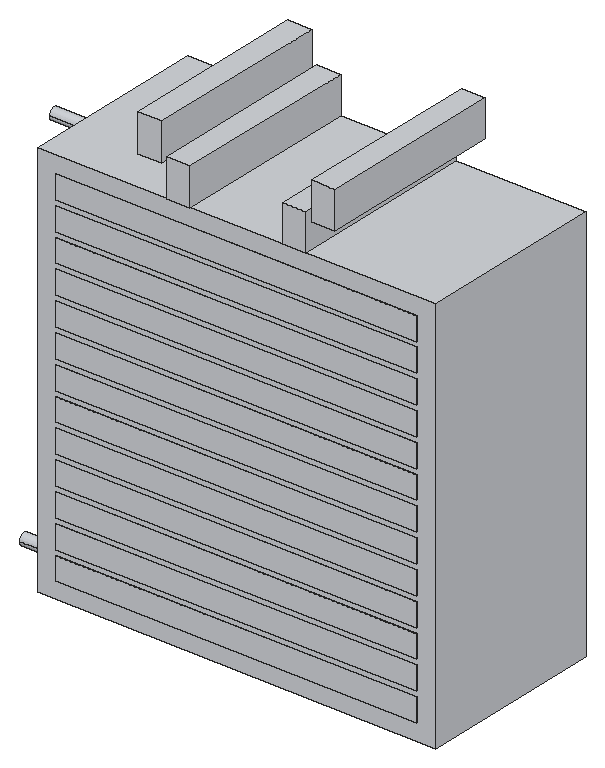
Revit family "Mark Tanner MDA verwarmer plafondmontage", category Mechanical Equipment, Revit 2017
Family settings
  Round Connector Dimension = Use Diameter
  Part Type = Normal
  OmniClass Number = 23.75.00.00
  OmniClass Title = Climate Control (HVAC)
  Work Plane-Based = No
  Always vertical = Yes
  Cut with Voids When Loaded = No
  Shared = No
  Room Calculation Point = No
Parameters
  zichtbaar_02 [instance] = horizontaal uitblazen  # yes
  zichtbaar_01 [instance] = not(horizontaal uitblazen)  # no
  voltage = 0 V
  vermogen = 0 W
  schijnbaar_vermogen = voltage * nominale stroom  # 0 VA
  o2 [instance] = if(hoek = 90.00°, 813 mm, 145 mm + h1 / 2)  # 575 mm
  o1 = 660 mm
  nominale stroom = 0 A
  lengte = l1  # 860 mm
  l3 = l1 + 100 mm  # 960 mm
  l2 = 450 mm
  l1 = h1  # 860 mm
  horizontaal uitblazen [instance] = yes
  hoogte = h1  # 860 mm
  hoek [instance] = if(horizontaal uitblazen, 0.00°, 90.00°)  # 0.00°
  h1 = 860 mm
  gewicht = ""
  elektrisch_vermogen = 0 W
  debiet = 0.0 L/s
  con 1_RN = con 1_DN / 2  # 12.5 mm
  con 1_DN = 25 mm
  breedte = b1  # 405 mm
  b2 = b1 - 80 mm  # 325 mm
  b1 = 405 mm
  artikelnummer = ""
  aantal_polen = 1
  URL = "http://www.mark.nl/producten/"
  Type Comments = "MDA 121, 2 rijige wisselaar, 1 fase 230V fan, ,waterzijdige aansluiting 1"
  Model = "MDA 100"
  Manufacturer = "Mark"  # constant formula
Reference planes
  plane 1 "Center (Front/Back)": y = 0
  plane 2: z = 0
  plane 3 "Center (Left/Right)": x = 0
  plane 4: x = -430
  plane 5: x = 430
  plane 6: z = -575
Lines and regions (mm)
  reference lines
    curve 1: line (0, 0, -575) -> (0, 660, -575)
Dimensions and locks
  "l1": plane 4 to plane 5
  equal spacing: plane 4, plane 3 "Center (Left/Right)", plane 5
  "o2": plane 2 to plane 6
  "o1": curve 1 to curve 1
  "hoek": angle curve 1 to plane 6
  aligned and locked: level to plane 2
  aligned and locked: plane 6 to curve 1
  aligned and locked: plane 1 "Center (Front/Back)" to curve 1
  aligned and locked: plane 1 "Center (Front/Back)" to nested 2
  aligned and locked: nested 1 to plane 1 "Center (Front/Back)"
  aligned and locked: nested 3 to curve 1
Nested families
  nested 1: "Plafond console met trillingsreduceerset" at (0, 0, 0) x (0, 1, 0) z (0, 0, 1), b1 <- "b2", l1 <- "l3", visible <- "zichtbaar_01", type "trillingsreduceerset"
    with l1 960 mm, b1 325 mm
  nested 2: "Plafond console" at (0, 202.5, 0) x (0, 1, 0) z (0, 0, 1), b1 <- "b2", l1 <- "b1", visible <- "zichtbaar_02", type "plafond console"
    with l1 405 mm, b1 325 mm
  nested 3: "Verwarmer" at (0, 202.5, -145), b1 <- "b1", h1 <- "h1", l1 <- "l1", r1 <- "con 1_RN", type "MDA 100"
    with r1 12.5 mm, l1 860 mm, h1 860 mm, b1 405 mm, b 780 mm, aantal 13, a 790 mm
Connectors
  electrical at (0, 202.5, -145), driven by "aantal_polen", driven by "voltage", driven by "schijnbaar_vermogen"
    settings: on nested 3, index 1, voltage 0 V, apparent load 0 VA, apparent load phase1 0 VA, apparent load phase2 0 VA, apparent load phase3 0 VA, power factor 1, load classification "Other", number of poles 1, system type 31, power factor state 1, is connector primary yes, connector utility no, sub classification motor no, connector description ""
  piping at (-522, 160, -181), diameter 25, driven by "con 1_DN"
    settings: on nested 3, index 2, connector inside diameter 609.6 mm, connector length 0 mm, flow factor 0, pipe flow 0.0 L/s, pressure drop 0.0 Pa, fitting loss kfactor 0, connector angle 0.00°, fixture units 0, engagement length 0 mm, angle of deflection 0.00°, flow configuration 0, flow direction 2, fitting loss method 0, system type 8, joint type 0, gender type 0, connector reference index -1, connector utility 0, adjustable connector no, is connector primary yes, connector description "retour"
  piping at (-522, 80, -969), diameter 25, driven by "con 1_DN"
    settings: on nested 3, index 3, connector inside diameter 609.6 mm, connector length 0 mm, flow factor 0, pipe flow 0.0 L/s, pressure drop 0.0 Pa, fitting loss kfactor 0, connector angle 0.00°, fixture units 0, engagement length 0 mm, angle of deflection 0.00°, flow configuration 0, flow direction 1, fitting loss method 0, system type 7, joint type 0, gender type 0, connector reference index -1, connector utility 0, adjustable connector no, is connector primary no, connector description ""
Definition of nested family "Plafond console met trillingsreduceerset"
  Parameters (values of type "trillingsreduceerset")
    l1 [instance] = 450 mm
    b1 [instance] = 300 mm
    artikelnummer = "5064051"  # constant formula
    URL = "http://www.mark.nl/producten/"
    Manufacturer = "Mark"  # constant formula
    Description = "plafond console"  # constant formula
  Reference planes
    plane 1 "Center (Front/Back)": y = 0
    plane 2: z = 0
    plane 3 "Center (Left/Right)": x = 0
    plane 4: x = -225
    plane 5: x = 225
    plane 6: y = 150
    plane 7: y = -150
    plane 8: z = -813
    plane 9: z = -813
  Forms (mm)
    Sweep 1, solid
      path origin (0, 0, 0) x (1, 0, 0) y (0, 0, 1)
        loop
          line (-225, -813) -> (-225, 0) -> (225, 0) -> (225, -813)
      profile origin (-225, 0, -406.5) x (-1, 0, 0) y (0, -1, 0)
        loop
          line (0, 150) -> (0, 200) -> (-50, 200) -> (-50, 150) -> (0, 150)
    Sweep 2, solid
      path origin (0, 0, 0) x (1, 0, 0) y (0, 0, 1)
        loop
          line (225, -813) -> (225, 0) -> (-225, 0) -> (-225, -813)
      profile origin (225, 0, -406.5) x (-1, 0, 0) y (0, -1, 0)
        loop
          line (0, -150) -> (0, -200) -> (50, -200) -> (50, -150) -> (0, -150)
  Dimensions and locks
    equal spacing: plane 4, plane 3 "Center (Left/Right)", plane 5
    "l1": plane 4 to plane 5
    equal spacing: plane 7, plane 1 "Center (Front/Back)", plane 6
    "b1": plane 6 to plane 7
    plane 2 to plane 8 = 813 mm
    plane 9 to plane 2 = 813 mm
    aligned and locked: level to plane 2
    aligned and locked: Sweep 1 sketch curve to plane 4
    aligned and locked: Sweep 1 sketch curve to plane 2
    aligned and locked: plane 5 to Sweep 1 sketch curve
    aligned and locked: plane 8 to Sweep 1 sketch curve  (x2)
    aligned and locked: Sweep 2 sketch curve to plane 5
    aligned and locked: plane 4 to Sweep 2 sketch curve
    aligned and locked: Sweep 2 sketch curve to plane 2
    aligned and locked: plane 9 to Sweep 2 sketch curve  (x2)
    aligned and locked: plane 6 to Sweep 2
    aligned and locked: plane 7 to Sweep 1
  Automatic sketch dimensions
    Sweep 1 sketch curve to profile plane = 0 mm
    profile plane to Sweep 1 sketch curve = 50 mm
    plane 1 "Center (Front/Back)" to Sweep 1 sketch curve = 150 mm
    Sweep 1 sketch curve to Sweep 1 sketch curve = 50 mm
    Sweep 2 sketch curve to profile plane = 0 mm
    Sweep 2 sketch curve to profile plane = 50 mm
    Sweep 2 sketch curve to plane 1 "Center (Front/Back)" = 200 mm
    Sweep 2 sketch curve to Sweep 2 sketch curve = 50 mm
Definition of nested family "Plafond console"
  Parameters (values of type "trillingsreduceerset")
    l1 [instance] = 450 mm
    b1 [instance] = 300 mm
    artikelnummer = "5064051"  # constant formula
    URL = "http://www.mark.nl/producten/"
    Manufacturer = "Mark"  # constant formula
    Description = "plafond console"  # constant formula
  Reference planes
    plane 1 "Center (Front/Back)": y = 0
    plane 2: z = 0
    plane 3 "Center (Left/Right)": x = 0
    plane 4: x = -225
    plane 5: x = 225
    plane 6: y = 150
    plane 7: y = -150
    plane 8: z = -813
    plane 9: z = -813
    plane 10: z = -878
    plane 11: z = -878
  Forms (mm)
    Sweep 1, solid
      path origin (0, 0, 0) x (1, 0, 0) y (0, 0, 1)
        loop
          line (-225, 0) -> (225, 0)
      profile origin (0, 0, 0) x (0, 0, 1) y (0, -1, 0)
        loop
          line (0, 150) -> (0, 200) -> (-80, 200) -> (-80, 150) -> (0, 150)
    Sweep 2, solid
      path origin (0, 0, 0) x (1, 0, 0) y (0, 0, 1)
        loop
          line (225, 0) -> (-225, 0)
      profile origin (0, 0, 0) x (0, 0, -1) y (0, -1, 0)
        loop
          line (0, -150) -> (0, -200) -> (80, -200) -> (80, -150) -> (0, -150)
    Sweep 3, solid
      path origin (0, -125, -65) x (1, 0, 0) y (0, 0, 1)
        loop
          line (225, 0) -> (-225, 0)
      profile origin (0, -125, -65) x (0, 0, -1) y (0, -1, 0)
        loop
          line (0, -225) -> (0, -275) -> (80, -275) -> (80, -225) -> (0, -225)
    Sweep 4, solid
      path origin (0, 125, -65) x (1, 0, 0) y (0, 0, 1)
        loop
          line (-225, 0) -> (225, 0)
      profile origin (0, 125, -65) x (0, 0, 1) y (0, -1, 0)
        loop
          line (0, 225) -> (0, 275) -> (-80, 275) -> (-80, 225) -> (0, 225)
  Dimensions and locks
    equal spacing: plane 4, plane 3 "Center (Left/Right)", plane 5
    "l1": plane 4 to plane 5
    equal spacing: plane 7, plane 1 "Center (Front/Back)", plane 6
    "b1": plane 6 to plane 7
    plane 2 to plane 8 = 813 mm
    plane 9 to plane 2 = 813 mm
    aligned and locked: level to plane 2
    aligned and locked: Sweep 1 sketch curve to plane 2
    aligned and locked: Sweep 2 sketch curve to plane 2
    aligned and locked: plane 6 to Sweep 2
    aligned and locked: Sweep 3 to Sweep 2
    aligned and locked: plane 7 to Sweep 1
    aligned and locked: Sweep 4 to Sweep 1
  Automatic sketch dimensions
    Sweep 1 sketch curve to plane 4 = 0 mm
    plane 5 to Sweep 1 sketch curve = 0 mm
    profile plane to Sweep 1 sketch curve = 0 mm
    profile plane to Sweep 1 sketch curve = 80 mm
    plane 1 "Center (Front/Back)" to Sweep 1 sketch curve = 150 mm
    Sweep 1 sketch curve to Sweep 1 sketch curve = 50 mm
    Sweep 2 sketch curve to plane 4 = 0 mm
    plane 5 to Sweep 2 sketch curve = 0 mm
    Sweep 2 sketch curve to profile plane = 0 mm
    Sweep 2 sketch curve to profile plane = 80 mm
    Sweep 2 sketch curve to plane 1 "Center (Front/Back)" = 200 mm
    Sweep 2 sketch curve to Sweep 2 sketch curve = 50 mm
    Sweep 3 sketch curve to level = 65 mm
    Sweep 3 sketch curve to plane 4 = 0 mm
    plane 5 to Sweep 3 sketch curve = 0 mm
    Sweep 3 sketch curve to profile plane = 0 mm
    Sweep 3 sketch curve to profile plane = 80 mm
    Sweep 3 sketch curve to profile plane = 275 mm
    Sweep 3 sketch curve to Sweep 3 sketch curve = 50 mm
    Sweep 4 sketch curve to level = 65 mm
    Sweep 4 sketch curve to plane 4 = 0 mm
    plane 5 to Sweep 4 sketch curve = 0 mm
    profile plane to Sweep 4 sketch curve = 0 mm
    profile plane to Sweep 4 sketch curve = 80 mm
    profile plane to Sweep 4 sketch curve = 225 mm
    Sweep 4 sketch curve to Sweep 4 sketch curve = 50 mm
Definition of nested family "Verwarmer"
  Parameters (values of type "MDA 100")
    r1 [instance] = 12.5 mm
    l1 [instance] = 860 mm
    h1 [instance] = 860 mm
    b1 [instance] = 405 mm
    b [instance] = l1 - 80 mm  # 780 mm
    aantal [instance] = a / 60 mm  # 13
    a [instance] = h1 - 70 mm  # 790 mm
    Default Elevation = 1219.2 mm
  Reference planes
    plane 1 "Center (Front/Back)": y = 0
    plane 2: z = 0
    plane 3 "Center (Left/Right)": x = 0
    plane 4: x = -430
    plane 5: x = 430
    plane 6: x = -390
    plane 7: x = 390
    plane 8: y = 202.5
    plane 9: y = -202.5
    plane 10: y = -42.5
    plane 11: y = -122.5
    plane 12: z = -860
    plane 13: z = -36
    plane 14: z = -824
    plane 15: z = -430
  Forms (mm)
    Extrusion 1, solid
      sketch origin (0, 0, 0) x (1, 0, 0) y (0, 1, 0)
        loop
          line (-430, 202.5) -> (-430, -202.5) -> (430, -202.5) -> (430, 202.5) -> (-430, 202.5)
      from 0 to -860
    Sweep 2, solid
      path origin (1317.187, -1524, -36) x (0, -1, 0) y (1, 0, 0)
        loop
          line (-1401.5, -1747.187) -> (-1401.5, -1839.187)
      profile origin (-476, -122.5, -36) x (0, -1, 0) y (0, 0, 1)
        loop
          circle (0, -788) r 12.5
    Sweep 3, solid
      path origin (0, 0, 0) x (1, 0, 0) y (0, 1, 0)
        loop
          line (-522, -30) -> (-430, -30)
      profile origin (-476, -30, 0) x (0, 1, 0) y (0, 0, 1)
        loop
          circle (-12.5, -36) r 12.5
  Dimensions and locks
    equal spacing: plane 4, plane 3 "Center (Left/Right)", plane 5
    "l1": plane 4 to plane 5
    equal spacing: plane 6, plane 3 "Center (Left/Right)", plane 7
    "b1": plane 8 to plane 9
    equal spacing: plane 8, plane 1 "Center (Front/Back)", plane 9
    locked: plane 9 to plane 11 at 80
    locked: plane 10 to plane 9 at 160
    equal spacing: plane 2, plane 15, plane 12
    "h1": plane 2 to plane 12
    locked: plane 14 to plane 12 at 36
    locked: plane 2 to plane 13 at 36
    plane 13 to plane 14 = 788 mm
    equal spacing: plane 7, plane 3 "Center (Left/Right)", plane 6
    "b": plane 6 to plane 7
    equal spacing: group 1, group 3, group 4, group 5, group 6, group 7, group 8, group 9, group 10, group 11, group 12, group 13, group 2  (x2)
    equal spacing: group 2, group 13, group 12, group 11, group 10, group 9, group 8, group 7, group 6, group 5, group 4, group 3, group 1
    "r1": radius of Sweep 2 sketch curve
    "r1": radius of Sweep 3 sketch curve
    aligned and locked: level to plane 2
    aligned and locked: Extrusion 1 sketch curve to plane 8
    aligned and locked: plane 4 to Extrusion 1 sketch curve
    aligned and locked: plane 5 to Extrusion 1 sketch curve
    aligned and locked: plane 9 to Extrusion 1 sketch curve
    aligned and locked: Extrusion 1 to plane 12
    aligned and locked: plane 4 to Sweep 2 sketch curve
    aligned and locked: Sweep 2 sketch curve to plane 11  (x2)
    aligned and locked: plane 14 to Sweep 2 sketch curve
    aligned and locked: plane 4 to Sweep 3 sketch curve
    aligned and locked: plane 13 to Sweep 3 sketch curve
    aligned and locked: plane 10 to Sweep 3 sketch curve
    aligned and locked: plane 3 "Center (Left/Right)" to nested 1
    aligned and locked: nested 1 to plane 9
    aligned and locked: nested 2 to plane 14
    aligned and locked: nested 2 to plane 9
  Automatic sketch dimensions
    Sweep 2 sketch curve to Sweep 2 sketch curve = 92 mm
    Sweep 3 sketch curve to plane 4 = 92 mm
    plane 1 "Center (Front/Back)" to Sweep 3 sketch curve = 30 mm
  Nested families
    nested 1: "Family5" at (0, -202.5, -36), a <- "b", type "Family5"
      with a 780 mm
    nested 2: "Family5" at (0, -202.5, -774), a <- "b", type "Family5"
      with a 780 mm
    nested 3: "Family5" at (0, -202.5, -97.5), a <- "b", type "Family5"
      with a 780 mm
    nested 4: "Family5" at (0, -202.5, -159), a <- "b", type "Family5"
      with a 780 mm
    nested 5: "Family5" at (0, -202.5, -220.5), a <- "b", type "Family5"
      with a 780 mm
    nested 6: "Family5" at (0, -202.5, -282), a <- "b", type "Family5"
      with a 780 mm
    nested 7: "Family5" at (0, -202.5, -343.5), a <- "b", type "Family5"
      with a 780 mm
    nested 8: "Family5" at (0, -202.5, -405), a <- "b", type "Family5"
      with a 780 mm
    nested 9: "Family5" at (0, -202.5, -466.5), a <- "b", type "Family5"
      with a 780 mm
    nested 10: "Family5" at (0, -202.5, -528), a <- "b", type "Family5"
      with a 780 mm
    nested 11: "Family5" at (0, -202.5, -589.5), a <- "b", type "Family5"
      with a 780 mm
    nested 12: "Family5" at (0, -202.5, -651), a <- "b", type "Family5"
      with a 780 mm
    nested 13: "Family5" at (0, -202.5, -712.5), a <- "b", type "Family5"
      with a 780 mm
  Definition of nested family "Family5"
    Parameters (values of type "Family5")
      a [instance] = 752.12 mm
    Reference planes
      plane 1 "Center (Front/Back)": y = 0
      plane 2: z = 0
      plane 3 "Center (Left/Right)": x = 0
    Forms (mm)
      Extrusion 1, solid
        sketch origin (0, 0, 0) x (1, 0, 0) y (0, 1, 0)
          loop
            line (-376.06, 1.5) -> (-376.06, -1.5) -> (376.06, -1.5) -> (376.06, 1.5) -> (-376.06, 1.5)
        from -50 to 0
    Dimensions and locks
      equal spacing: Extrusion 1 sketch curve, plane 3 "Center (Left/Right)", Extrusion 1 sketch curve
      "a": Extrusion 1 sketch curve to Extrusion 1 sketch curve
      aligned and locked: level to plane 2
    Automatic sketch dimensions
      plane 1 "Center (Front/Back)" to Extrusion 1 sketch curve = 1.5 mm
      Extrusion 1 sketch curve to plane 1 "Center (Front/Back)" = 1.5 mm
Types in the file's own list only (42): name | voltage | vermogen | schijnbaar_vermogen | nominale stroom | lengte | l3 | l2 | l1 | hoogte | h1 | gewicht | elektrisch_vermogen | debiet | con 1_RN | con 1_DN | breedte | b2 | b1 | artikelnummer | aantal_polen | URL | Type Comments | Model
  Tanner MDA 121L | 230 V | 14500 W | 108 VA | 0 A | 450 mm | 550 mm | 387 mm | 450 mm | 450 mm | 450 mm | "22" | 90 W | 1595.0 L/s | 13 mm | 25 mm | 380 mm | 300 mm | 380 mm | "MDA 121L" | 1 | "http://www.mark.nl/luchtverwarming/watergevoed/tanner-mda/" | "MDA 121 ( 2 rijige wisselaar 1 fase 230 V fan waterzijdige aansluiting 1  laag toerental )" | "MDA 100"
  Tanner MDA 131L | 230 V | 17000 W | 108 VA | 0 A | 450 mm | 550 mm | 387 mm | 450 mm | 450 mm | 450 mm | "23" | 90 W | 1446.0 L/s | 13 mm | 25 mm | 380 mm | 300 mm | 380 mm | "MDA 131L" | 1 | "http://www.mark.nl/luchtverwarming/watergevoed/tanner-mda/" | "MDA 131 ( 3 rijige wisselaar  1 fase 230 V fan waterzijdige aansluiting 1 laag toerental)" | "MDA 100"
  Tanner MDA 141L | 230 V | 19000 W | 108 VA | 0 A | 450 mm | 550 mm | 387 mm | 450 mm | 450 mm | 450 mm | "24" | 90 W | 1265.0 L/s | 13 mm | 25 mm | 380 mm | 300 mm | 380 mm | "MDA 141L" | 1 | "http://www.mark.nl/luchtverwarming/watergevoed/tanner-mda/" | "MDA 131 ( 4 rijige wisselaar  1 fase 230 V fan waterzijdige aansluiting 1 laag toerental)" | "MDA 100"
  Tanner MDA 211L | 230 V | 14100 W | 117 VA | 1 A | 580 mm | 680 mm | 517 mm | 580 mm | 580 mm | 580 mm | "30" | 120 W | 2805.0 L/s | 13 mm | 25 mm | 385 mm | 305 mm | 385 mm | "MDA 211L" | 1 | "http://www.mark.nl/luchtverwarming/watergevoed/tanner-mda/" | "MDA 211 ( 1 rijige wisselaar  1 fase 230 V fanwaterzijdige aansluiting 1 laag toerental)" | "MDA 200"
  Tanner MDA 221L | 230 V | 25100 W | 117 VA | 1 A | 580 mm | 680 mm | 517 mm | 580 mm | 580 mm | 580 mm | "32" | 120 W | 2656.0 L/s | 13 mm | 25 mm | 385 mm | 305 mm | 385 mm | "MDA 221L" | 1 | "http://www.mark.nl/luchtverwarming/watergevoed/tanner-mda/" | "MDA 221 ( 2 rijige wisselaar  1 fase 230 V fan waterzijdige aansluiting 1 laag toerental)" | "MDA 200"
  Tanner MDA 231L | 230 V | 30800 W | 117 VA | 1 A | 580 mm | 680 mm | 517 mm | 580 mm | 580 mm | 580 mm | "34" | 120 W | 2381.0 L/s | 13 mm | 25 mm | 385 mm | 305 mm | 385 mm | "MDA 231L" | 1 | "http://www.mark.nl/luchtverwarming/watergevoed/tanner-mda/" | "MDA 231 ( 3 rijige wisselaar  1 fase 230 V fan waterzijdige aansluiting 1 laag toerental)" | "MDA 200"
  Tanner MDA 241L | 230 V | 33300 W | 117 VA | 1 A | 580 mm | 680 mm | 517 mm | 580 mm | 580 mm | 580 mm | "36" | 120 W | 2230.0 L/s | 13 mm | 25 mm | 385 mm | 305 mm | 385 mm | "MDA 241L" | 1 | "http://www.mark.nl/luchtverwarming/watergevoed/tanner-mda/" | "MDA 241 ( 4 rijige wisselaar  1 fase 230 V fan waterzijdige aansluiting 1 laag toerental)" | "MDA 200"
  Tanner MDA 321L | 230 V | 52700 W | 391 VA | 2 A | 730 mm | 830 mm | 667 mm | 730 mm | 730 mm | 730 mm | "43" | 330 W | 6495.0 L/s | 13 mm | 25 mm | 385 mm | 305 mm | 385 mm | "MDA 321L" | 1 | "http://www.mark.nl/luchtverwarming/watergevoed/tanner-mda/" | "MDA 321 ( 2 rijige wisselaar  1 fase 230 V fan waterzijdige aansluiting 1 laag toerental)" | "MDA 300"
  Tanner MDA 331L | 230 V | 65900 W | 391 VA | 2 A | 730 mm | 830 mm | 667 mm | 730 mm | 730 mm | 730 mm | "46" | 330 W | 5857.0 L/s | 16 mm | 32 mm | 385 mm | 305 mm | 385 mm | "MDA 331L" | 1 | "http://www.mark.nl/luchtverwarming/watergevoed/tanner-mda/" | "MDA 331 ( 3 rijige wisselaar  1 fase 230 V fan waterzijdige aansluiting 11/4 laag toerental)" | "MDA 300"
  Tanner MDA 341L | 230 V | 72100 W | 391 VA | 2 A | 730 mm | 830 mm | 667 mm | 730 mm | 730 mm | 730 mm | "49" | 330 W | 5423.0 L/s | 16 mm | 32 mm | 385 mm | 305 mm | 385 mm | "MDA 341L" | 1 | "http://www.mark.nl/luchtverwarming/watergevoed/tanner-mda/" | "MDA 341 ( 4 rijige wisselaar  1 fase 230 V fan waterzijdige aansluiting 11/4 laag toerental)" | "MDA 300"
  Tanner MDA 411L | 230 V | 42500 W | 598 VA | 3 A | 860 mm | 960 mm | 667 mm | 860 mm | 860 mm | 860 mm | "51" | 550 W | 10320.0 L/s | 16 mm | 32 mm | 405 mm | 325 mm | 405 mm | "MDA 411L" | 1 | "http://www.mark.nl/luchtverwarming/watergevoed/tanner-mda/" | "MDA 411 ( 1 rijige wisselaar  1 fase 230 V fanwaterzijdige aansluiting 11/4 laag toerental)" | "MDA 400"
  Tanner MDA 421L | 230 V | 80000 W | 598 VA | 3 A | 860 mm | 960 mm | 667 mm | 860 mm | 860 mm | 860 mm | "55" | 550 W | 9933.0 L/s | 16 mm | 32 mm | 405 mm | 325 mm | 405 mm | "MDA 421L" | 1 | "http://www.mark.nl/luchtverwarming/watergevoed/tanner-mda/" | "MDA 421 ( 2 rijige wisselaar  1 fase 230 V fanwaterzijdige aansluiting 11/4 laag toerental)" | "MDA 400"
  Tanner MDA 431L | 230 V | 101000 W | 598 VA | 3 A | 860 mm | 960 mm | 667 mm | 860 mm | 860 mm | 860 mm | "59" | 550 W | 8816.0 L/s | 20 mm | 40 mm | 405 mm | 325 mm | 405 mm | "MDA 431L" | 1 | "http://www.mark.nl/luchtverwarming/watergevoed/tanner-mda/" | "MDA 431 ( 3 rijige wisselaar  1 fase 230 V fanwaterzijdige aansluiting 11/2 laag toerental)" | "MDA 400"
  Tanner MDA 441L | 230 V | 110000 W | 598 VA | 3 A | 860 mm | 960 mm | 667 mm | 860 mm | 860 mm | 860 mm | "63" | 550 W | 8217.0 L/s | 20 mm | 40 mm | 405 mm | 325 mm | 405 mm | "MDA 441L" | 1 | "http://www.mark.nl/luchtverwarming/watergevoed/tanner-mda/" | "MDA 441 ( 4 rijige wisselaar  1 fase 230 V fanwaterzijdige aansluiting 11/2 laag toerental)" | "MDA 400"
  Tanner MDA 121H | 230 V | 18000 W | 154 VA | 1 A | 450 mm | 550 mm | 387 mm | 450 mm | 450 mm | 450 mm | "22" | 150 W | 2365.0 L/s | 13 mm | 25 mm | 380 mm | 300 mm | 380 mm | "MDA 121H" | 1 | "http://www.mark.nl/luchtverwarming/watergevoed/tanner-mda/" | "MDA 121 ( 2 rijige wisselaar  1 fase 230 V fan waterzijdige aansluiting 1 hoog toerental)" | "MDA 100"
  Tanner MDA 131H | 230 V | 22100 W | 154 VA | 1 A | 450 mm | 550 mm | 387 mm | 450 mm | 450 mm | 450 mm | "23" | 150 W | 2244.0 L/s | 13 mm | 25 mm | 380 mm | 300 mm | 380 mm | "MDA 131H" | 1 | "http://www.mark.nl/luchtverwarming/watergevoed/tanner-mda/" | "MDA 131 ( 3 rijige wisselaar  1 fase 230 V fan waterzijdige aansluiting 1 hoog toerental)" | "MDA 100"
  Tanner MDA 141H | 230 V | 25100 W | 154 VA | 1 A | 450 mm | 550 mm | 387 mm | 450 mm | 450 mm | 450 mm | "24" | 150 W | 1914.0 L/s | 13 mm | 25 mm | 380 mm | 300 mm | 380 mm | "MDA 141H" | 1 | "http://www.mark.nl/luchtverwarming/watergevoed/tanner-mda/" | "MDA 131 ( 4 rijige wisselaar  1 fase 230 V fan waterzijdige aansluiting 1 hoog toerental)" | "MDA 100"
  Tanner MDA 211H | 230 V | 17200 W | 311 VA | 1 A | 580 mm | 680 mm | 517 mm | 580 mm | 580 mm | 580 mm | "30" | 280 W | 4450.0 L/s | 13 mm | 25 mm | 385 mm | 305 mm | 385 mm | "MDA 211H" | 1 | "http://www.mark.nl/luchtverwarming/watergevoed/tanner-mda/" | "MDA 211 ( 1 rijige wisselaar  1 fase 230 V fan waterzijdige aansluiting 1 hoog toerental)" | "MDA 200"
  Tanner MDA 221H | 230 V | 32400 W | 311 VA | 1 A | 580 mm | 680 mm | 517 mm | 580 mm | 580 mm | 580 mm | "32" | 280 W | 4202.0 L/s | 13 mm | 25 mm | 385 mm | 305 mm | 385 mm | "MDA 221H" | 1 | "http://www.mark.nl/luchtverwarming/watergevoed/tanner-mda/" | "MDA 221 ( 2 rijige wisselaar  1 fase 230 V fan waterzijdige aansluiting 1 hoog toerental)" | "MDA 200"
  Tanner MDA 231H | 230 V | 42000 W | 311 VA | 1 A | 580 mm | 680 mm | 517 mm | 580 mm | 580 mm | 580 mm | "34" | 280 W | 3932.0 L/s | 13 mm | 25 mm | 385 mm | 305 mm | 385 mm | "MDA 231H" | 1 | "http://www.mark.nl/luchtverwarming/watergevoed/tanner-mda/" | "MDA 231 ( 3 rijige wisselaar  1 fase 230 V fan waterzijdige aansluiting 1 hoog toerental)" | "MDA 200"
  Tanner MDA 241H | 230 V | 46600 W | 311 VA | 1 A | 580 mm | 680 mm | 517 mm | 580 mm | 580 mm | 580 mm | "34" | 280 W | 3734.0 L/s | 13 mm | 25 mm | 385 mm | 305 mm | 385 mm | "MDA 241H" | 1 | "http://www.mark.nl/luchtverwarming/watergevoed/tanner-mda/" | "MDA 241 ( 4 rijige wisselaar  1 fase 230 V fan waterzijdige aansluiting 1 hoog toerental)" | "MDA 200"
  Tanner MDA 123L | 400 V | 14500 W | 40 VA | 0 A | 450 mm | 550 mm | 387 mm | 450 mm | 450 mm | 450 mm | "22" | 50 W | 1595.0 L/s | 13 mm | 25 mm | 380 mm | 300 mm | 380 mm | "MDA 123L" | 3 | "http://www.mark.nl/luchtverwarming/watergevoed/tanner-mda/" | "MDA 123 ( 2 rijige wisselaar  3 fase 400 V fan waterzijdige aansluiting 1 laag toerental)" | "MDA 100"
  Tanner MDA 133L | 400 V | 17000 W | 40 VA | 0 A | 450 mm | 550 mm | 387 mm | 450 mm | 450 mm | 450 mm | "23" | 50 W | 1446.0 L/s | 13 mm | 25 mm | 380 mm | 300 mm | 380 mm | "MDA 133L" | 3 | "http://www.mark.nl/luchtverwarming/watergevoed/tanner-mda/" | "MDA 133 ( 3 rijige wisselaar  3 fase 400 V fan waterzijdige aansluiting 1 laag toerental)" | "MDA 100"
  Tanner MDA 143L | 400 V | 19000 W | 40 VA | 0 A | 450 mm | 550 mm | 387 mm | 450 mm | 450 mm | 450 mm | "24" | 50 W | 1265.0 L/s | 13 mm | 25 mm | 380 mm | 300 mm | 380 mm | "MDA 143L" | 3 | "http://www.mark.nl/luchtverwarming/watergevoed/tanner-mda/" | "MDA 133 ( 4 rijige wisselaar  3 fase 400 V fan waterzijdige aansluiting 1 laag toerental)" | "MDA 100"
  Tanner MDA 213L | 400 V | 14800 W | 120 VA | 0 A | 580 mm | 680 mm | 517 mm | 580 mm | 580 mm | 580 mm | "30" | 120 W | 3050.0 L/s | 13 mm | 25 mm | 385 mm | 305 mm | 385 mm | "MDA 213L" | 3 | "http://www.mark.nl/luchtverwarming/watergevoed/tanner-mda/" | "MDA 213 ( 1 rijige wisselaar  3 fase 400 V fan waterzijdige aansluiting 1 laag toerental)" | "MDA 200"
  Tanner MDA 223L | 400 V | 26200 W | 120 VA | 0 A | 580 mm | 680 mm | 517 mm | 580 mm | 580 mm | 580 mm | "32" | 120 W | 2865.0 L/s | 13 mm | 25 mm | 385 mm | 305 mm | 385 mm | "MDA 223L" | 3 | "http://www.mark.nl/luchtverwarming/watergevoed/tanner-mda/" | "MDA 223 ( 2 rijige wisselaar  3 fase 400 V fan waterzijdige aansluiting 1 laag toerental)" | "MDA 200"
  Tanner MDA 233L | 400 V | 32400 W | 120 VA | 0 A | 580 mm | 680 mm | 517 mm | 580 mm | 580 mm | 580 mm | "34" | 120 W | 2574.0 L/s | 13 mm | 25 mm | 385 mm | 305 mm | 385 mm | "MDA 233L" | 3 | "http://www.mark.nl/luchtverwarming/watergevoed/tanner-mda/" | "MDA 233 ( 3 rijige wisselaar  3 fase 400 V fan waterzijdige aansluiting 1 laag toerental)" | "MDA 200"
  Tanner MDA 243L | 400 V | 35100 W | 120 VA | 0 A | 580 mm | 680 mm | 517 mm | 580 mm | 580 mm | 580 mm | "36" | 120 W | 2414.0 L/s | 13 mm | 25 mm | 385 mm | 305 mm | 385 mm | "MDA 243L" | 3 | "http://www.mark.nl/luchtverwarming/watergevoed/tanner-mda/" | "MDA 243 ( 4 rijige wisselaar  3 fase 400 V fan waterzijdige aansluiting 1 laag toerental)" | "MDA 200"
  Tanner MDA 323L | 400 V | 52700 W | 272 VA | 1 A | 730 mm | 830 mm | 667 mm | 730 mm | 730 mm | 730 mm | "43" | 280 W | 6495.0 L/s | 13 mm | 25 mm | 385 mm | 305 mm | 385 mm | "MDA 323L" | 3 | "http://www.mark.nl/luchtverwarming/watergevoed/tanner-mda/" | "MDA 323 ( 2 rijige wisselaar  3 fase 400 V fan  waterzijdige aansluiting 1 laag toerental)" | "MDA 300"
  Tanner MDA 333L | 400 V | 65900 W | 272 VA | 1 A | 730 mm | 830 mm | 667 mm | 730 mm | 730 mm | 730 mm | "46" | 280 W | 5857.0 L/s | 16 mm | 32 mm | 385 mm | 305 mm | 385 mm | "MDA 333L" | 3 | "http://www.mark.nl/luchtverwarming/watergevoed/tanner-mda/" | "MDA 333 ( 3 rijige wisselaar  3 fase 400 V fan  waterzijdige aansluiting 11/4 laag toerental)" | "MDA 300"
  Tanner MDA 343L | 400 V | 72100 W | 272 VA | 1 A | 730 mm | 830 mm | 667 mm | 730 mm | 730 mm | 730 mm | "46" | 280 W | 5423.0 L/s | 16 mm | 32 mm | 385 mm | 305 mm | 385 mm | "MDA 343L" | 3 | "http://www.mark.nl/luchtverwarming/watergevoed/tanner-mda/" | "MDA 343 ( 4 rijige wisselaar  3 fase 400 V fan  waterzijdige aansluiting 11/4 laag toerental)" | "MDA 300"
  Tanner MDA 413L | 400 V | 45200 W | 620 VA | 2 A | 860 mm | 960 mm | 667 mm | 860 mm | 860 mm | 860 mm | "52" | 510 W | 11600.0 L/s | 16 mm | 32 mm | 405 mm | 325 mm | 405 mm | "MDA 413L" | 3 | "http://www.mark.nl/luchtverwarming/watergevoed/tanner-mda/" | "MDA 413 ( 1 rijige wisselaar  3 fase 400 V fan  waterzijdige aansluiting 11/4 laag toerental)" | "MDA 400"
  Tanner MDA 423L | 400 V | 84000 W | 400 VA | 1 A | 860 mm | 960 mm | 667 mm | 860 mm | 860 mm | 860 mm | "52" | 510 W | 10868.0 L/s | 16 mm | 32 mm | 405 mm | 325 mm | 405 mm | "MDA 423L" | 3 | "http://www.mark.nl/luchtverwarming/watergevoed/tanner-mda/" | "MDA 423 ( 2 rijige wisselaar  3 fase 400 V fan  waterzijdige aansluiting 11/4 laag toerental)" | "MDA 400"
  Tanner MDA 433L | 400 V | 107000 W | 400 VA | 1 A | 860 mm | 960 mm | 667 mm | 860 mm | 860 mm | 860 mm | "61" | 510 W | 9735.0 L/s | 20 mm | 40 mm | 405 mm | 325 mm | 405 mm | "MDA 433L" | 3 | "http://www.mark.nl/luchtverwarming/watergevoed/tanner-mda/" | "MDA 433 ( 3 rijige wisselaar  3 fase 400 V fan  waterzijdige aansluiting 11/2 laag toerental)" | "MDA 400"
  Tanner MDA 443L | 400 V | 117000 W | 400 VA | 1 A | 860 mm | 960 mm | 667 mm | 860 mm | 860 mm | 860 mm | "64" | 510 W | 9064.0 L/s | 20 mm | 40 mm | 405 mm | 325 mm | 405 mm | "MDA 443L" | 3 | "http://www.mark.nl/luchtverwarming/watergevoed/tanner-mda/" | "MDA 443 ( 4 rijige wisselaar  3 fase 400 V fan  waterzijdige aansluiting 11/2 laag toerental)" | "MDA 400"
  Tanner MDA 123H | 230 V | 18000 W | 58 VA | 0 A | 450 mm | 550 mm | 387 mm | 450 mm | 450 mm | 450 mm | "22" | 150 W | 2365.0 L/s | 13 mm | 25 mm | 380 mm | 300 mm | 380 mm | "MDA 123H" | 1 | "http://www.mark.nl/luchtverwarming/watergevoed/tanner-mda/" | "MDA 123 ( 2 rijige wisselaar  3 fase 400 V fan waterzijdige aansluiting 1 hoog toerental)" | "MDA 100"
  Tanner MDA 133H | 230 V | 22100 W | 58 VA | 0 A | 450 mm | 550 mm | 387 mm | 450 mm | 450 mm | 450 mm | "23" | 150 W | 2244.0 L/s | 13 mm | 25 mm | 380 mm | 300 mm | 380 mm | "MDA 133H" | 1 | "http://www.mark.nl/luchtverwarming/watergevoed/tanner-mda/" | "MDA 133 ( 3 rijige wisselaar  3 fase 400 V fan waterzijdige aansluiting 1 hoog toerental)" | "MDA 100"
  Tanner MDA 143H | 230 V | 25100 W | 58 VA | 0 A | 450 mm | 550 mm | 387 mm | 450 mm | 450 mm | 450 mm | "24" | 150 W | 1914.0 L/s | 13 mm | 25 mm | 380 mm | 300 mm | 380 mm | "MDA 143H" | 1 | "http://www.mark.nl/luchtverwarming/watergevoed/tanner-mda/" | "MDA 133 ( 4 rijige wisselaar  3 fase 400 V fan waterzijdige aansluiting 1 hoog toerental)" | "MDA 100"
  Tanner MDA 213H | 230 V | 17200 W | 154 VA | 1 A | 580 mm | 680 mm | 517 mm | 580 mm | 580 mm | 580 mm | "30" | 280 W | 4450.0 L/s | 13 mm | 25 mm | 385 mm | 305 mm | 385 mm | "MDA 213H" | 1 | "http://www.mark.nl/luchtverwarming/watergevoed/tanner-mda/" | "MDA 213 ( 1 rijige wisselaar  3 fase 400 V fan waterzijdige aansluiting 1 hoog toerental)" | "MDA 200"
  Tanner MDA 223H | 230 V | 32400 W | 154 VA | 1 A | 580 mm | 680 mm | 517 mm | 580 mm | 580 mm | 580 mm | "32" | 280 W | 4202.0 L/s | 13 mm | 25 mm | 385 mm | 305 mm | 385 mm | "MDA 223H" | 1 | "http://www.mark.nl/luchtverwarming/watergevoed/tanner-mda/" | "MDA 223 ( 2 rijige wisselaar  3 fase 400 V fan waterzijdige aansluiting 1 hoog toerental)" | "MDA 200"
  Tanner MDA 233H | 230 V | 42000 W | 154 VA | 1 A | 580 mm | 680 mm | 517 mm | 580 mm | 580 mm | 580 mm | "34" | 280 W | 3932.0 L/s | 13 mm | 25 mm | 385 mm | 305 mm | 385 mm | "MDA 233H" | 1 | "http://www.mark.nl/luchtverwarming/watergevoed/tanner-mda/" | "MDA 233 ( 3 rijige wisselaar  3 fase 400 V fan waterzijdige aansluiting 1 hoog toerental)" | "MDA 200"
  Tanner MDA 243H | 230 V | 46600 W | 154 VA | 1 A | 580 mm | 680 mm | 517 mm | 580 mm | 580 mm | 580 mm | "34" | 280 W | 3734.0 L/s | 13 mm | 25 mm | 385 mm | 305 mm | 385 mm | "MDA 243H" | 1 | "http://www.mark.nl/luchtverwarming/watergevoed/tanner-mda/" | "MDA 243 ( 4 rijige wisselaar  3 fase 400 V fan waterzijdige aansluiting 1 hoog toerental)" | "MDA 200"
